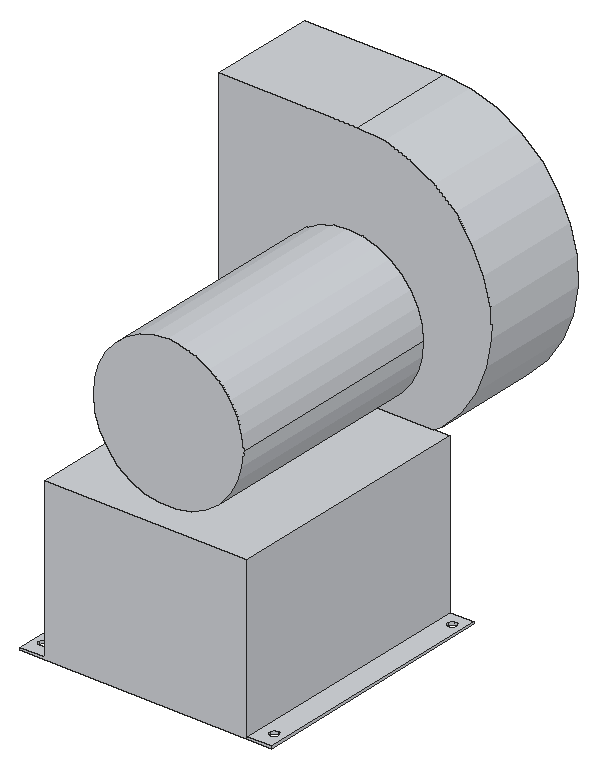
Revit family "CPFD_CCW_THD", category Mechanical Equipment, Revit 2019
Family settings
  Round Connector Dimension = Use Radius
  Part Type = Normal
  Work Plane-Based = No
  Always vertical = Yes
  Cut with Voids When Loaded = No
  Shared = No
  Room Calculation Point = No
Parameters (values of type "10_CPFD_CCW_THD")
  Unit Weight [instance] = ""
  T_SQ/2 = T_SQ / 2  # 1' - 4"
  T_SQ = 2' - 8"
  Sones [instance] = ""
  SPACE = 0' - 1 1/2"
  Q = 0' - 1 1/16"
  P/6 = P / 6  # 0' - 1 1/2"
  P/2 = P / 2  # 0' - 4 1/2"
  P = 0' - 9"
  N/2 = N / 2  # 0' - 0 9/32"
  N = 0' - 0 9/16"
  Motor RPM [instance] = ""
  Motor Enclosure [instance] = ""
  ModelID [instance] = ""
  M = 0' - 4 5/8"
  LwA [instance] = ""
  L = 0' - 9 7/8"
  K = 0' - 1"
  J = 1' - 1 3/4"
  H/2 = H / 2  # 0' - 7 1/8"
  H-1.5" = H - 0' 1 1/2"  # 1' - 0 3/4"
  H = 1' - 2 1/4"
  G-1" = G - 0' 1"  # 0' - 7"
  G = 0' - 8"
  Fan RPM [instance] = ""
  F+1.25" = -(F + 0' 1 1/4")  # -0' - 7 5/8"
  F+.25" = -(F + 0' 0 1/4")  # -0' - 6 5/8"
  F = 0' - 6 3/8"
  E+.25" = E + 0' 0 1/4"  # 0' - 11 5/8"
  E = 0' - 11 3/8"
  D = 1' - 2 3/8"
  C/2 = C / 2  # 1' - 0 15/32"
  C = 2' - 0 15/16"
  B/2 = B / 2  # 0' - 11 1/8"
  B-F-2" = B - F - 0' 2"  # 1' - 1 7/8"
  B-F-.25" = B - F - 0' 0 1/4"  # 1' - 3 5/8"
  B = 1' - 10 1/4"
  Accessories [instance] = ""
  A/2 = A / 2  # 0' - 7 3/4"
  A = 1' - 3 1/2"
  3" = 0' - 3"  # constant formula
  Brake Hp [instance] = ""
  4" = 0' - 4"  # constant formula
  2' = 2' - 0"
  2" = 0' - 2"  # constant formula
  1" = 0' - 1"  # constant formula
  0 = 0' - 0"  # constant formula
  Voltage [instance] = 0 V
  URL = "www.lorencook.com"
  Type Comments = "Forward Curved Centrifugal Blower Direct Drive Counter-Clockwise Top Horizontal Arrangement 4"  # constant formula
  Static Pressure [instance] = 0.00 in-wg
  Power [instance] = Voltage * Motor FLA * sqrt(if(Phase = 3, 3, 1))  # 0 VA
  Phase [instance] = 0
  Number of Poles [instance] = 1
  Motor Hp [instance] = "0"
  Motor FLA [instance] = 0 A
  Model = "CPFD_CCW_THD"  # constant formula
  Manufacturer = "Loren Cook Company"
  CFM [instance] = 0 CFM
  1.5 = 0' - 1 1/2"  # constant formula
  ONE EIGTH = 0' - 0 1/8"  # constant formula
  (P/2)-.125" = (P / 2) - 0' 0 1/8"  # 0' - 4 3/8"
Types (6): name | SPACE | Q | P/6 | P/2 | P | N/2 | N | M | L | J | H/2 | H-1.5" | H | G-1" | G | F+1.25" | F+.25" | F | E+.25" | E | D | C/2 | C | B/2 | B-F-2" | B-F-.25" | B | A/2 | A | (P/2)-.125"
  (no name) | 0' - 1 1/2" | 0' - 1 1/16" | 0' - 1 1/2" | 0' - 4 1/2" | 0' - 9" | 0' - 0 9/32" | 0' - 0 9/16" | 0' - 4 5/8" | 0' - 9 7/8" | 1' - 1 3/4" | 0' - 7 1/8" | 1' - 0 3/4" | 1' - 2 1/4" | 0' - 7" | 0' - 8" | -0' - 7 5/8" | -0' - 6 5/8" | 0' - 6 3/8" | 0' - 11 5/8" | 0' - 11 3/8" | 1' - 2 3/8" | 1' - 0 15/32" | 2' - 0 15/16" | 0' - 11 1/8" | 1' - 1 7/8" | 1' - 3 5/8" | 1' - 10 1/4" | 0' - 7 3/4" | 1' - 3 1/2" | 0' - 4 3/8"
  6_CPFD_CCW_THD | 0' - 1 1/2" | 0' - 0 1/2" | 0' - 1.16667" | 0' - 3 1/2" | 0' - 7" | 0' - 0 7/32" | 0' - 0 7/16" | 0' - 3 5/8" | 0' - 4 5/8" | 0' - 10 3/4" | 0' - 6 1/4" | 0' - 11" | 1' - 0 1/2" | 0' - 4 3/4" | 0' - 5 3/4" | -0' - 5 7/8" | -0' - 4 7/8" | 0' - 4 5/8" | 0' - 8 1/8" | 0' - 7 7/8" | 0' - 8 1/8" | 0' - 7 7/8" | 1' - 3 3/4" | 0' - 9 1/4" | 0' - 11 7/8" | 1' - 1 5/8" | 1' - 6 1/2" | 0' - 6 3/4" | 1' - 1 1/2" | 0' - 3 3/8"
  7_CPFD_CCW_THD | 0' - 1 1/2" | 0' - 0 5/8" | 0' - 1.16667" | 0' - 3 1/2" | 0' - 7" | 0' - 0 7/32" | 0' - 0 7/16" | 0' - 3 5/8" | 0' - 7 1/8" | 1' - 0 1/4" | 0' - 6 1/4" | 0' - 11" | 1' - 0 1/2" | 0' - 5 1/8" | 0' - 6 1/8" | -0' - 6 5/8" | -0' - 5 5/8" | 0' - 5 3/8" | 0' - 8 5/8" | 0' - 8 3/8" | 0' - 10 5/8" | 0' - 9 5/16" | 1' - 6 5/8" | 0' - 10 1/8" | 1' - 0 7/8" | 1' - 2 5/8" | 1' - 8 1/4" | 0' - 6 3/4" | 1' - 1 1/2" | 0' - 3 3/8"
  9_CPFD_CCW_THD | 0' - 2" | 0' - 0 3/4" | 0' - 1 1/2" | 0' - 4 1/2" | 0' - 9" | 0' - 0 9/32" | 0' - 0 9/16" | 0' - 4 5/8" | 0' - 7 5/8" | 1' - 1 3/4" | 0' - 6 3/8" | 0' - 11 1/4" | 1' - 0 3/4" | 0' - 6" | 0' - 7" | -0' - 7 1/8" | -0' - 6 1/8" | 0' - 5 7/8" | 0' - 10 1/8" | 0' - 9 7/8" | 0' - 11 1/8" | 0' - 10 1/4" | 1' - 8 1/2" | 0' - 10 7/8" | 1' - 1 7/8" | 1' - 3 5/8" | 1' - 9 3/4" | 0' - 7" | 1' - 2" | 0' - 4 3/8"
  10_CPFD_CCW_THD | 0' - 1 1/2" | 0' - 1 1/16" | 0' - 1 1/2" | 0' - 4 1/2" | 0' - 9" | 0' - 0 9/32" | 0' - 0 9/16" | 0' - 4 5/8" | 0' - 9 7/8" | 1' - 1 3/4" | 0' - 7 1/8" | 1' - 0 3/4" | 1' - 2 1/4" | 0' - 7" | 0' - 8" | -0' - 7 5/8" | -0' - 6 5/8" | 0' - 6 3/8" | 0' - 11 5/8" | 0' - 11 3/8" | 1' - 2 3/8" | 1' - 0 15/32" | 2' - 0 15/16" | 0' - 11 1/8" | 1' - 1 7/8" | 1' - 3 5/8" | 1' - 10 1/4" | 0' - 7 3/4" | 1' - 3 1/2" | 0' - 4 3/8"
  12_CPFD_CCW_THD | 0' - 2 1/2" | 0' - 1" | 0' - 2.08333" | 0' - 6 1/4" | 1' - 0 1/2" | 0' - 0 9/32" | 0' - 0 9/16" | 0' - 4 5/8" | 0' - 9 7/8" | 1' - 2 1/4" | 0' - 7 7/8" | 1' - 2 1/4" | 1' - 3 3/4" | 0' - 8" | 0' - 9" | -0' - 7 1/8" | -0' - 6 1/8" | 0' - 5 7/8" | 1' - 1 5/8" | 1' - 1 3/8" | 1' - 2 3/8" | 1' - 1 1/2" | 2' - 3" | 0' - 11 3/8" | 1' - 2 7/8" | 1' - 4 5/8" | 1' - 10 3/4" | 0' - 8 1/2" | 1' - 5" | 0' - 6 1/8"
Reference planes (in)
  plane 1 "Center (Front/Back)": y = 0
  plane 2: z = 0
  plane 3 "Center (Left/Right)": x = 0.40541
Forms (in)
  Extrusion 1, solid
    sketch origin (0, 0, 0) x (1, 0, 0) y (0, 0, 1)
      loop
        line (-7.34459, 0) -> (8.15541, 0) -> (8.15541, 0.125) -> (6.65541, 0.125) -> (6.65541, 9.875) -> (-5.84459, 9.875) -> (-5.84459, 0.125) -> (-7.34459, 0.125) -> (-7.34459, 0)
    from 0 to 15.625 <- "B-F-.25""
  Extrusion 2, solid
    sketch origin (0, 0, 0) x (1, 0, 0) y (0, 0, 1)
      loop
        circle (0.40541, 14.5) r 4.625
    from 0 to 13.875 <- "B-F-2""
  Extrusion 3, solid
    sketch origin (0, 0, 0) x (1, 0, 0) y (0, 0, 1)
      loop
        circle (0.40541, 14.375) r 4.5
      loop
        circle (0.40541, 14.375) r 4.375
    from -7.625 <- "F+1.25"" to -6.625 <- "F+.25""
  Extrusion 4, void
    sketch origin (0, 0, 0) x (1, 0, 0) y (0, 1, 0)
      loop
        circle (-6.71959, -14.625) r 0.28125
      loop
        circle (-6.71959, -0.875) r 0.28125
      loop
        circle (7.53041, -14.625) r 0.28125
      loop
        circle (7.53041, -0.875) r 0.28125
    from 0 to 0.125
  Extrusion 5, solid
    sketch origin (0, 0, 0) x (1, 0, 0) y (0, 0, 1)
      loop
        line (-7.59459, 13.3125) -> (-6.59459, 13.3125)
        arc (-6.59459, 13.3125) -> (7.91951, 12.13471) -> (0.98159, 24.9375) r 8.28125
        line (0.98159, 24.9375) -> (-7.59459, 24.9375) -> (-7.59459, 13.3125)
    from 0 to -6.625 <- "F+.25""
  Revolve 6, void
    sketch origin (0.40541, 0, 0) x (0, 1, 0) y (0, 0, 1)
      loop
        arc (6.625, 18.75) -> (6.18566, 17.68934) -> (5.125, 17.25) r 1.5
        line (5.125, 17.25) -> (5.125, 14.375) -> (6.625, 14.375) -> (6.625, 18.75)
      axis (5.125, 14.375) -> (6.625, 14.375)
    angle from 0 to 360
Cuts and joins
  Extrusion 4 cuts Extrusion 1
  Revolve 6 cuts Extrusion 3
  Revolve 6 cuts Extrusion 5
Dimensions and locks (in)
  "A/2": plane 3 "Center (Left/Right)" to Extrusion 1 sketch curve
  "A/2": Extrusion 1 sketch curve to plane 3 "Center (Left/Right)"
  "1.5": Extrusion 1 sketch curve to Extrusion 1 sketch curve  (x2)
  "L": Extrusion 1 sketch curve to level
  "ONE EIGTH": Extrusion 1 sketch curve to Extrusion 1 sketch curve  (x2)
  "0": Extrusion 2 sketch curve to Extrusion 1
  "0": Extrusion 2 sketch curve to plane 3 "Center (Left/Right)"
  "M": Extrusion 2 sketch curve to Extrusion 1
  "0": Extrusion 3 sketch curve to plane 3 "Center (Left/Right)"  (x2)
  "K": Extrusion 1 to Extrusion 4 sketch curve  (x2)
  "J": Extrusion 4 sketch curve to Extrusion 4 sketch curve  (x2)
  "H/2": Extrusion 4 sketch curve to plane 3 "Center (Left/Right)"  (x4)
  locked: Extrusion 3 sketch curve to Extrusion 3 sketch curve
  "D": Extrusion 3 sketch curve to level
  "D": Revolve 6 sketch curve to level
  "0": Revolve 6 sketch curve to Revolve 6 sketch curve
  "P/6": Extrusion 5 to Revolve 6 sketch curve
  "(P/2)-.125"": Revolve 6 sketch curve to Revolve 6 sketch curve
  "E+.25"": Extrusion 5 sketch curve to Extrusion 5 sketch curve
  "1"": Extrusion 5 sketch curve to Extrusion 5 sketch curve
  "G": Extrusion 5 sketch curve to plane 3 "Center (Left/Right)"
  "SPACE": Extrusion 5 sketch curve to cut or joined group of Extrusion 1, Extrusion 4
  "C": level to Extrusion 5 sketch curve
  "P/2": radius of Extrusion 3 sketch curve
  "(P/2)-.125"": radius of Extrusion 3 sketch curve
  "N/2": radius of Extrusion 4 sketch curve  (x4)
  "P/6": radius of Revolve 6 sketch curve
Automatic sketch dimensions
  Extrusion 1 sketch curve to level = 0' - 0"
  Revolve 6 sketch curve to Revolve 6 sketch curve = 0' - 0"
  Revolve 6 sketch curve to Revolve 6 sketch curve = 0' - 2 3/4"
Connectors (in)
  electrical at (0.40541, -13.875, 14.5)
    settings: on Extrusion 2, index 1, voltage 0 V, apparent load 0 VA, apparent load phase1 0 VA, apparent load phase2 0 VA, apparent load phase3 0 VA, power factor 1, load classification "Other", number of poles 1, system type 30, power factor state 1, is connector primary yes, connector utility no, sub classification motor no, connector description ""
  hvac at (0.40541, 7.625, 14.375), driven by "P/2"
    settings: on Extrusion 3, index 4, duct flow 0 CFM, flow factor 0, pres drop 0.00 in-wg, loss coef 0, conn angle 0.00°, conn width 12", conn height 12", conn diameter 9", duct sys type 29, conn prof type 0, flow config 0, flow direction 1, loss method 0, conn ref index -1, conn util no, is conn primary yes, conn desc ""
  hvac at (-7.59459, 3.3125, 19.125), driven by "E", driven by "F"
    settings: on cut or joined group of Extrusion 5, Revolve 6, index 6, duct flow 0 CFM, flow factor 0, pres drop 0.00 in-wg, loss coef 0, conn angle 0.00°, conn width 6 3/8", conn height 11 3/8", conn diameter 24", duct sys type 29, conn prof type 1, flow config 0, flow direction 2, loss method 0, conn ref index -1, conn util no, is conn primary no, conn desc ""
